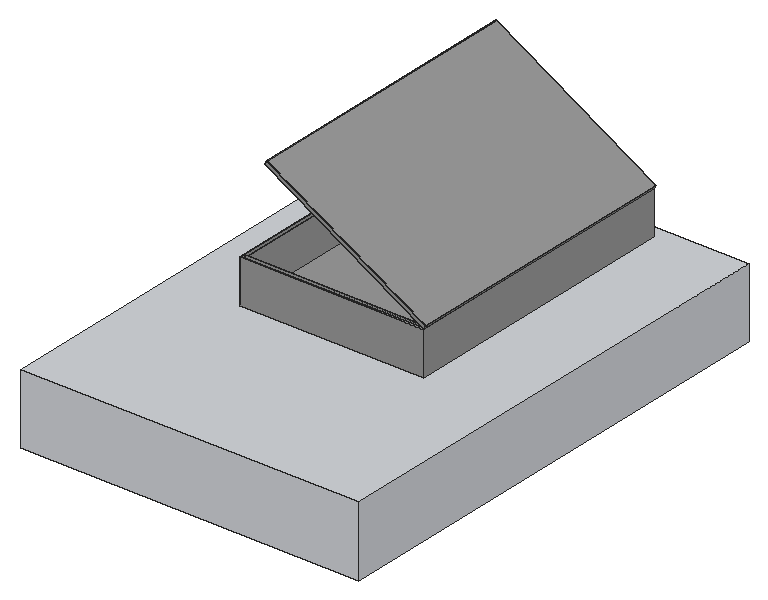
Revit family "Hager-Univers-IP54-D205-H1250-Cl.II-Encl-PL-pl", category Equipement électrique, Revit 2020
Family settings
  Hôte = Face
  Configuration du panneau = Deux colonnes, circuits au sein
  Cote de connecteur circulaire = Utiliser le diamètre
  Type d'élément = Tableau de raccordement
  Couper avec des vides une fois chargée = Non
  Partagée = Non
  Point de calcul de pièce = Non
Parameters (values of type "Montaż natynkowy IP54 S800 W1250 G205  - FP83SW2")
  Width Control [instance] = if([EF000008 - Szerokość] > Min Width, [EF000008 - Szerokość], Min Width)  # 800 mm
  Commentaires du type = [HG000003 - Zakres]  # "Univers"
  Thickness Door [instance] = if([EF009171 - Drzwi/pokrywa z materiału o wysokiej wytrzymałości mechanicznej] > 3 mm, 3 mm, [EF009171 - Drzwi/pokrywa z materiału o wysokiej wytrzymałości mechanicznej])  # 1 mm
  Seal Frame Offset [instance] = 17 mm  # constant formula
  Plinth Visibility [instance] = [HG000027 - Wysokość cokołu] > 0 mm  # no
  Model = ""
  Min Width [instance] = 100 mm  # constant formula
  Min Height [instance] = 100 mm  # constant formula
  Min Depth [instance] = (2 * [EF009170 - Obudowa z materiału o wysokiej wytrzymałości mechanicznej]) + 1 mm  # 3 mm
  Internal Frame Depth [instance] = (Door System Depth * 0.5)  # 9 mm
  Height Control [instance] = if([EF000040 - Wysokość] > Min Height, [EF000040 - Wysokość], Min Height)  # 1250 mm
  HG000027 - Wysokość cokołu = 0 mm
  HG000026 - Stojąca = no
  HG000024 - Wysokość części dolnej = 800 mm
  HG000023 - Obudowa dwusekcyjna = no
  HG000016 - Widoczność drzwi w widoku 3D [instance] = yes
  HG000015 - Przestrzeń robocza - otwarcie drzwi [instance] = no
  HG000014 - Drzwi prawe [instance] = yes
  HG000013 - Drzwi lewe [instance] = not([HG000014 - Drzwi prawe])  # no
  HG000012 - Kąt otwarcia drzwi [instance] = 30.00°
  HG000010 - Drzwi asymetryczne = no
  HG000009 - Drzwi dwuskrzydłowe = no
  HG000006 - Montaż podtynkowy = no
  HG000004 - Referencja producenta = "FP83SW2"
  HG000003 - Zakres = "Univers"
  HG000002 - Z drzwiami lub pokrywą = yes
  Frame Offset Bottom [instance] = 10 mm  # constant formula
  Frame Offset [instance] = 15 mm  # constant formula
  EF015940 - Pokrywa z wyzwalaczem nadciśnieniowym = no
  EF011959 - Stopień ochrony (NEMA) = ""
  EF009554 - Liczba otworów pod flansze = 6
  Fabricant = "Hager"  # constant formula
  EF009212 - Wykonanie pokrywy = "EV000116 - Zamknięty"
  EF009171 - Drzwi/pokrywa z materiału o wysokiej wytrzymałości mechanicznej = 1 mm
  EF009170 - Obudowa z materiału o wysokiej wytrzymałości mechanicznej = 1 mm
  EF008873 - Prąd znamionowy (In) = 250 A
  EF007800 - Do ochrony odgromowej = no
  EF006306 - Z zamkiem = no
  EF006244 - Transparentna pokrywa/drzwi = no
  EF005474 - Stopień ochrony (IP) = "EV006419 - IP54"
  EF004464 - Rodzaj drzwi = "EV002646 - Pojedynczy"
  EF004427 - Liczba modułów = 288
  EF004293 - Odporność udarowa = "EV006813 - IK07"
  EF003532 - Do zastosowań zewnętrznych = no
  EF002950 - Szerokość wyrażona liczbą modułów = 36
  EF001613 - Podtrzymanie funkcji = "EV000494 - Brak"
  EF001596 - Materiał obudowy = "EV000179 - Stal"
  EF001131 - Głębokość wewnętrzna = 130 mm
  EF001088 - Możliwość rozbudowy = yes
  EF000437 - Liczba wejść kablowych = 6
  EF000339 - Rodzaj pokrywy = "EV004216 - Drzwi"
  EF000266 - Liczba rzędów = 8
  EF000218 - Głębokość wbudowania = 205 mm
  EF000118 - Z płytą montażową = no
  EF000116 - Numer RAL = "9010"
  EF000049 - Głębokość = 205 mm
  EF000040 - Wysokość = 1250 mm
  EF000008 - Szerokość = 800 mm
  EF000007 - Kolor = "EV000202 - Biały"
  EF000003 - Sposób montażu = "EV000384 - Montaż natynkowy"
  Door System Leaf Tolerance [instance] = 1.5 mm  # constant formula
  Door System Depth [instance] = 18 mm  # constant formula
  Door Height [instance] = Height Control - [HG000027 - Wysokość cokołu]  # 1250 mm
  Depth Control [instance] = if([EF000049 - Głębokość] > Min Depth, [EF000049 - Głębokość], Min Depth)  # 205 mm
  Default Elevation = 0 mm
  Connector Offset [instance] = Height Control / 2  # 625 mm
  Bottom Top Plate Trim [instance] = 1.5 mm  # constant formula
  Plinth height Ctrl [instance] = if([HG000027 - Wysokość cokołu] > 0 mm, [HG000027 - Wysokość cokołu], 12 mm)  # 12 mm
Types (5, lengths in mm): name | Width Control | HG000010 - Drzwi asymetryczne | HG000009 - Drzwi dwuskrzydłowe | HG000004 - Referencja producenta | EF009554 - Liczba otworów pod flansze | EF004464 - Rodzaj drzwi | EF004427 - Liczba modułów | EF004293 - Odporność udarowa | EF002950 - Szerokość wyrażona liczbą modułów | EF000437 - Liczba wejść kablowych | EF000008 - Szerokość
  Montaż natynkowy IP54 S1050 W1250 G205  - FP84SW2 | 1050 | no | yes | "FP84SW2" | 8 | "EV003602 - Podwójny" | 384 | "EV006815 - IK09" | 48 | 8 | 1050
  Montaż natynkowy IP54 S1300 W1250 G205  - FP85SW2 | 1300 | yes | yes | "FP85SW2" | 10 | "EV003602 - Podwójny" | 480 | "EV006815 - IK09" | 60 | 10 | 1300
  Montaż natynkowy IP54 S300 W1250 G205  - FP81SW2 | 300 | no | no | "FP81SW2" | 2 | "EV002646 - Pojedynczy" | 96 | "EV006815 - IK09" | 12 | 2 | 300
  Montaż natynkowy IP54 S550 W1250 G205  - FP82SW2 | 550 | no | no | "FP82SW2" | 4 | "EV002646 - Pojedynczy" | 192 | "EV006815 - IK09" | 24 | 4 | 550
  Montaż natynkowy IP54 S800 W1250 G205  - FP83SW2 | 800 | no | no | "FP83SW2" | 6 | "EV002646 - Pojedynczy" | 288 | "EV006813 - IK07" | 36 | 6 | 800
Reference planes
  plane 1 "Center (Front/Back)": y = 0
  plane 2: z = 0
  plane 3 "Center (Left/Right)": x = 0
  plane 4: z = 205
  plane 5: y = 1
  plane 6: y = 625
  plane 7: y = 0
  plane 8: y = 1250
  plane 9: z = 0
  plane 10: x = -385
  plane 11: x = 385
  plane 12: x = 384
  plane 13: x = -384
  plane 14: y = 1249
  plane 15: x = -383
  plane 16: x = -400
  plane 17: x = 383
  plane 18: x = 400
  plane 19: x = 399
  plane 20: x = -399
  plane 21: y = 11
  plane 22: y = 1250
  plane 23: y = 1234
  plane 24: z = 187
  plane 25: z = 1
  plane 26: z = 186
  plane 27: z = 204
Forms (mm)
  Extrusion 1, solid
    sketch origin (0, 0, 0) x (1, 0, 0) y (0, 1, 0)
      loop
        line (-702.964, 1305) -> (-702.964, -811.445) -> (766.763, -811.445) -> (766.763, 1305) -> (-702.964, 1305)
    from 0 to -304.8
  Extrusion 2, solid, material "Hager_Steel_RAL7035_Light_Grey", visible <- "Plinth Visibility", detail levels medium+fine
    sketch origin (0, 0, 0) x (1, 0, 0) y (0, 1, 0)
      loop
        line (-400, 0) -> (400, 0) -> (400, 12) -> (-400, 12) -> (-400, 0)
    from 0 to 187
  Extrusion 3, solid, material "Hager_Steel_RAL7035_Light_Grey", detail levels medium+fine
    sketch origin (0, 0, 0) x (1, 0, 0) y (0, 1, 0)
      loop
        line (-400, 0) -> (400, 0) -> (400, 1250) -> (-400, 1250) -> (-400, 0)
    from 0 to 187
  Extrusion 4, void
    sketch origin (0, 0, 0) x (1, 0, 0) y (0, 1, 0)
      loop
        line (-399, 1) -> (399, 1) -> (399, 1249) -> (-399, 1249) -> (-399, 1)
    from 1 to 186
  Extrusion 5, void
    sketch origin (-381.607, -4572, 187) x (0, -1, 0) y (-1, 0, 0)
      loop
        line (-4583, 2.393) -> (-5806, 2.393) -> (-5806, -765.607) -> (-4583, -765.607) -> (-4583, 2.393)
    from 0 to 1 <- "EF009170 - Obudowa z materiału o wysokiej wytrzymałości mechanicznej"
  Extrusion 6, solid, material "Hager_Steel_RAL7035_Light_Grey", detail levels fine
    sketch origin (0, 0, 187) x (1, 0, 0) y (0, 1, 0)
      loop
        line (-384, 1234) -> (-384, 11) -> (384, 11) -> (384, 1234) -> (-384, 1234)
      loop
        line (-385, 10) -> (385, 10) -> (385, 1235) -> (-385, 1235) -> (-385, 10)
    from 0 to 9 <- "Internal Frame Depth"
  Extrusion 7, solid, material "Hager_Steel_RAL7035_Light_Grey", detail levels coarse
    sketch origin (0, 0, 0) x (1, 0, 0) y (0, 1, 0)
      loop
        line (-400, 0) -> (400, 0) -> (400, 1250) -> (-400, 1250) -> (-400, 0)
    from 0 to 205
  Sweep 8, void
    path in 3D
      loop
        line (-400, 12, 0) -> (400, 12, 0) -> (400, 12, 187) -> (-400, 12, 187) -> (-400, 12, 0)
    profile origin (-400, 12, 93.5) x (-1, 0, 0) y (0, -1, 0)
      loop
        line (0, 0) -> (0, 1.5) -> (-1.5, 1.5)
        arc (-1.5, 1.5) -> (-1.061, 0.439) -> (0, 0) r 1.5
Cuts and joins
  Extrusion 4, Extrusion 5 cuts Extrusion 3
  Sweep 8 cuts Extrusion 2
Lines and regions (mm)
  Masking region 1
    outline origin (0, 0, 0) x (1, 0, 0) y (0, 0, 1)
      loop
        line (-400, 205) -> (-400, 0) -> (400, 0) -> (400, 205) -> (-400, 205)
  Masking region 2, detail levels medium+fine
    outline origin (0, 140, 0) x (0, 1, 0) y (0, 0, 1)
      loop
        line (-140, 0) -> (1110, 0) -> (1110, 187) -> (-140, 187) -> (-140, 0)
  Masking region 3, not visible, detail levels medium+fine
    outline origin (0, 297.922, 0) x (0, 1, 0) y (0, 0, 1)
      loop
        line (338.578, 0) -> (378.578, 0) -> (378.578, 194)
        arc (378.578, 194) -> (375.649, 201.071) -> (368.578, 204) r 10
        line (368.578, 204) -> (338.578, 204) -> (338.578, 0)
  Masking region 4, detail levels coarse
    outline origin (0, 0, 180) x (0, 1, 0) y (0, 0, 1)
      loop
        line (0, -180) -> (1250, -180) -> (1250, 25) -> (0, 25) -> (0, -180)
  Masking region 5, visible <- "Plinth Visibility", detail levels medium+fine
    outline origin (0, 52.24, 12.345) x (0, 0, -1) y (0, 1, 0)
      loop
        line (10.845, -40.24) -> (-173.155, -40.24)
        arc (-173.155, -40.24) -> (-173.594, -41.301) -> (-174.655, -41.74) r 1.5
        line (-174.655, -41.74) -> (-174.655, -52.24) -> (12.345, -52.24) -> (12.345, -41.74)
        arc (12.345, -41.74) -> (11.285, -41.301) -> (10.845, -40.24) r 1.5
  Masking region 6, detail levels medium+fine
    outline origin (-381.607, -4572, 187) x (-1, 0, 0) y (0, -1, 0)
      loop
        line (18.393, -5822) -> (18.393, -4572) -> (-781.607, -4572) -> (-781.607, -5822) -> (18.393, -5822)
  Masking region 7, visible <- "Plinth Visibility", detail levels medium+fine
    outline origin (-381.607, -4727, 187) x (-1, 0, 0) y (0, -1, 0)
      loop
        arc (16.893, -4739) -> (17.332, -4737.939) -> (18.393, -4737.5) r 1.5
        line (18.393, -4737.5) -> (18.393, -4727) -> (-781.607, -4727) -> (-781.607, -4737.5)
        arc (-781.607, -4737.5) -> (-780.546, -4737.939) -> (-780.107, -4739) r 1.5
        line (-780.107, -4739) -> (16.893, -4739)
  Masking region 8, detail levels coarse
    outline origin (-442.548, -4669.526, 187) x (-1, 0, 0) y (0, -1, 0)
      loop
        line (-42.548, -5919.526) -> (-42.548, -4669.526) -> (-842.548, -4669.526) -> (-842.548, -5919.526) -> (-42.548, -5919.526)
  sketch lines
    curve 1: line (-400, 12, 187) -> (-400, 12, 0)
    curve 2: line (400, 12, 187) -> (-400, 12, 187)
    curve 3: line (400, 12, 187) -> (400, 12, 0)
    curve 4: line (-400, 12, 0) -> (400, 12, 0)
Dimensions and locks
  "Depth Control": plane 4 to Extrusion 1
  "HG000027 - Wysokość cokołu": plane 1 "Center (Front/Back)" to plane 7
  "EF009170 - Obudowa z materiału o wysokiej wytrzymałości mechanicznej": plane 5 to plane 7
  locked: connector elem to plane 3 "Center (Left/Right)"
  equal spacing: plane 8, plane 6, plane 7
  locked: connector elem to plane 6
  "EF009170 - Obudowa z materiału o wysokiej wytrzymałości mechanicznej": plane 8 to plane 14
  "EF009170 - Obudowa z materiału o wysokiej wytrzymałości mechanicznej": plane 10 to plane 13
  "EF009170 - Obudowa z materiału o wysokiej wytrzymałości mechanicznej": plane 12 to plane 11
  "Frame Offset": plane 20 to plane 13
  "Frame Offset": plane 12 to plane 19
  "EF009170 - Obudowa z materiału o wysokiej wytrzymałości mechanicznej": plane 16 to plane 20
  "EF009170 - Obudowa z materiału o wysokiej wytrzymałości mechanicznej": plane 19 to plane 18
  "Seal Frame Offset": plane 16 to plane 15
  "Seal Frame Offset": plane 17 to plane 18
  "Frame Offset Bottom": plane 21 to plane 5
  "Frame Offset": plane 14 to plane 23
  equal spacing: plane 16, plane 3 "Center (Left/Right)", plane 18
  "Width Control": plane 16 to plane 18
  "EF009170 - Obudowa z materiału o wysokiej wytrzymałości mechanicznej": plane 4 to plane 27
  "EF009170 - Obudowa z materiału o wysokiej wytrzymałości mechanicznej": plane 24 to plane 26
  "EF009170 - Obudowa z materiału o wysokiej wytrzymałości mechanicznej": plane 25 to level
  "Door System Depth": plane 4 to plane 24
  "Height Control": plane 1 "Center (Front/Back)" to Extrusion 7 sketch curve
  "Height Control": Masking region 4 sketch curve to plane 1 "Center (Front/Back)"
  "Height Control": plane 1 "Center (Front/Back)" to plane 22
  "Bottom Top Plate Trim": profile plane to Sweep 8 sketch curve
  "Bottom Top Plate Trim": Sweep 8 sketch curve to profile plane
  "Plinth height Ctrl": plane 1 "Center (Front/Back)" to Extrusion 2 sketch curve
  "Plinth height Ctrl": Masking region 5 sketch curve to plane 1 "Center (Front/Back)"
  "Plinth height Ctrl": plane 1 "Center (Front/Back)" to Masking region 7 sketch curve
  "Thickness Door": Extrusion 6 sketch curve to Extrusion 6 sketch curve  (x3)
  "Thickness Door": cut or joined group of Extrusion 3, Extrusion 4, Extrusion 5 to Extrusion 6 sketch curve
  radius of Masking region 3 sketch curve = 10 mm
  "Bottom Top Plate Trim": radius of Masking region 5 sketch curve  (x2)
  "Bottom Top Plate Trim": radius of Sweep 8 sketch curve
  "Bottom Top Plate Trim": radius of Masking region 7 sketch curve  (x2)
  aligned and locked: plane 2 to Extrusion 1
  aligned and locked: level to Extrusion 1
  aligned and locked: level to Masking region 1 sketch curve
  aligned and locked: Masking region 1 sketch curve to plane 18
  aligned and locked: Masking region 1 sketch curve to plane 16
  aligned and locked: plane 7 to Masking region 2 sketch curve
  aligned and locked: level to Masking region 3 sketch curve
  aligned and locked: Masking region 3 sketch curve to plane 27
  aligned and locked: level to Masking region 2 sketch curve
  aligned and locked: plane 1 "Center (Front/Back)" to Extrusion 2 sketch curve
  aligned and locked: Extrusion 3 sketch curve to plane 7
  aligned and locked: plane 16 to Extrusion 3 sketch curve
  aligned and locked: plane 18 to Extrusion 3 sketch curve
  aligned and locked: plane 20 to Extrusion 4 sketch curve
  aligned and locked: plane 19 to Extrusion 4 sketch curve
  aligned and locked: Extrusion 4 sketch curve to plane 5
  aligned and locked: Extrusion 4 to plane 25
  aligned and locked: plane 26 to Extrusion 4
  aligned and locked: plane 24 to Extrusion 3
  aligned and locked: Extrusion 5 sketch curve to plane 21
  aligned and locked: Extrusion 5 sketch curve to plane 13
  aligned and locked: Extrusion 5 sketch curve to plane 12
  aligned and locked: plane 18 to Extrusion 7 sketch curve
  aligned and locked: plane 1 "Center (Front/Back)" to Extrusion 7 sketch curve
  aligned and locked: plane 16 to Extrusion 7 sketch curve
  aligned and locked: plane 4 to Extrusion 7
  aligned and locked: Extrusion 7 to level
  aligned and locked: level to Masking region 4 sketch curve
  aligned and locked: Masking region 4 sketch curve to plane 1 "Center (Front/Back)"
  aligned and locked: Masking region 4 sketch curve to plane 4
  aligned and locked: nested 1 to level
  aligned and locked: nested 1 to plane 16
  aligned and locked: plane 8 to Extrusion 3 sketch curve
  aligned and locked: plane 23 to Extrusion 5 sketch curve
  aligned and locked: plane 14 to Extrusion 4 sketch curve
  aligned and locked: Masking region 2 sketch curve to plane 8
  aligned and locked: level to Masking region 5 sketch curve
  aligned and locked: plane 16 to Extrusion 2 sketch curve
  aligned and locked: plane 18 to Extrusion 2 sketch curve
  aligned and locked: Masking region 5 sketch curve to plane 24
  aligned and locked: Masking region 2 sketch curve to plane 24
  aligned and locked: plane 24 to Extrusion 2
  aligned and locked: profile plane to Sweep 8 sketch curve  (x2)
  aligned and locked: Masking region 6 sketch curve to plane 18
  aligned and locked: Masking region 6 sketch curve to plane 22
  aligned and locked: Masking region 6 sketch curve to plane 16
  aligned and locked: plane 8 to plane 22
  aligned and locked: Masking region 6 sketch curve to plane 7
  aligned and locked: Masking region 7 sketch curve to plane 16
  aligned and locked: Masking region 7 sketch curve to plane 1 "Center (Front/Back)"
  aligned and locked: Masking region 7 sketch curve to plane 18
  aligned and locked: Masking region 8 sketch curve to plane 1 "Center (Front/Back)"
  aligned and locked: Masking region 8 sketch curve to plane 18
  aligned and locked: Masking region 8 sketch curve to plane 22
  aligned and locked: Masking region 8 sketch curve to plane 16
  aligned and locked: nested 2 to plane 7
  aligned and locked: plane 3 "Center (Left/Right)" to nested 2
  aligned and locked: nested 2 to plane 24
  aligned and locked: Extrusion 6 sketch curve to cut or joined group of Extrusion 3, Extrusion 4, Extrusion 5  (x4)
Automatic sketch dimensions
  Extrusion 1 sketch curve to Extrusion 1 sketch curve = 1469.727 mm
  Extrusion 1 sketch curve to Extrusion 1 sketch curve = 2116.445 mm
  Masking region 1 sketch curve to plane 4 = 0 mm
  plane 6 to Masking region 3 sketch curve = 11.5 mm
  Masking region 3 sketch curve to Masking region 3 sketch curve = 30 mm
  Masking region 5 sketch curve to plane 1 "Center (Front/Back)" = 0 mm
Nested families
  nested 1: "Hager_Enclosure_Symbol" at (-400, 0, 0) x (1, 0, 0) z (0, -1, 0), Height <- "Depth Control", Width <- "Width Control", type "Hager_Enclosure_Symbol"
    with Width_Ctrl 800 mm, Width 800 mm, Height_Ctrl 205 mm, Height 205 mm, A_Width_Int 13.453 mm, A_Width 161.438 mm, A_Height_Ctrl 179.375 mm, A_Height 179.375 mm
  nested 2: "EC000058_Univers_Door" at (0, 0, 187) x (1, 0, 0) z (0, 1, 0), Leaf_Tolerance <- "Door System Leaf Tolerance", Angle <- "HG000012 - Kąt otwarcia drzwi", Door_Depth <- "Door System Depth", Door_Left <- "HG000013 - Drzwi lewe", Transparent <- "EF006244 - Transparentna pokrywa/drzwi", Assymetrical <- "HG000010 - Drzwi asymetryczne", Width <- "Width Control", Clearance <- "HG000015 - Przestrzeń robocza - otwarcie drzwi", Double <- "HG000009 - Drzwi dwuskrzydłowe", 3d_Door <- "HG000016 - Widoczność drzwi w widoku 3D", Lock_Visibility <- "EF006306 - Z zamkiem", Width_Ctrl <- "Width Control", Door_Right <- "HG000014 - Drzwi prawe", Door <- "HG000002 - Z drzwiami lub pokrywą", Height <- "Door Height", Thickness <- "Thickness Door", type "EC000058_Univers_Door", detail levels medium+fine
    with min_wh 3 mm, Width_Ctrl 800 mm, Width 800 mm, Transparent no, Thickness 1 mm, Seal_Material Hager_Rubber, Lock_Visibility no, Lock_Material Hager_Plastic_RAL9005_Jet_Black, Leaf_Width 800 mm, Leaf_Tolerance_External_Sides 0 mm, Leaf_Tolerance 1.5 mm, Leaf_Offset 0 mm, Leaf_Height 1247 mm, Leaf_2_Width 800 mm, Leaf_2_Offset 400 mm, Leaf_1_Width 800 mm, Leaf_1_Offset 400 mm, Height_Ctrl 1250 mm, Height 1250 mm, Glass_Material Hager_Glass, Double_Clearance_Ctrl no, Double no, Door_Right_Ctrl yes, Door_Right yes, Door_Material Hager_Steel_RAL7035_Light_Grey, Door_Left_Ctrl no, Door_Left no, Door_Depth 18 mm, Door yes, Clearance_Material Hager_Clearance, Clearance_Depth 800 mm, Clearance_Ctrl no, Clearance no, Assymetrical no, Angle 30.00°, 3d_Door yes
Connectors
  electrical at (0, 625, 0)
    settings: on plane 9, index 1, voltage 0 V, apparent load 0 VA, apparent load phase1 0 VA, apparent load phase2 0 VA, apparent load phase3 0 VA, power factor 1, load classification "Other", number of poles 1, system type 30, power factor state 1, is connector primary yes, connector utility no, sub classification motor no, connector description ""
Definition of nested family "EC000058_Univers_Door"
  Parameters (values of type "EC000058_Univers_Door")
    min_wh [instance] = (2 * Thickness) + 1 mm  # 11 mm
    Width_Ctrl [instance] = 400 mm
    Width [instance] = 500 mm
    Transparent [instance] = yes
    Thickness [instance] = 5 mm
    Seal_Material [instance] = none
    Lock_Visibility [instance] = yes
    Lock_Material [instance] = none
    Leaf_Width [instance] = if((Width_Ctrl - 2 * Leaf_Tolerance_External_Sides) > 0 mm, (Width_Ctrl - 2 * Leaf_Tolerance_External_Sides), min_wh)  # 400 mm
    Leaf_Tolerance_External_Sides [instance] = 0 mm  # constant formula
    Leaf_Tolerance [instance] = 1.5 mm
    Leaf_Offset [instance] = 0 mm  # constant formula
    Leaf_Height [instance] = if((Height_Ctrl - 2 * Leaf_Tolerance) > 0 mm, (Height_Ctrl - 2 * Leaf_Tolerance), min_wh)  # 497 mm
    Leaf_2_Width [instance] = if(and(and(Double, Assymetrical), Door_Left), (Leaf_Width / 3) - (Leaf_Tolerance / 2), if(and(and(Double, Assymetrical), Door_Right), (Leaf_Width / 3) * 2 - (Leaf_Tolerance / 2), if(and(Double, not(Assymetrical)), (Leaf_Width / 2) - Leaf_Tolerance, Leaf_Width)))  # 400 mm
    Leaf_2_Offset [instance] = if(and(Double, Assymetrical), Leaf_2_Width / 2, if(and(Double, not(Assymetrical)), Leaf_Width / 4, Leaf_Width / 2))  # 200 mm
    Leaf_1_Width [instance] = if(and(and(Double, Assymetrical), Door_Right), (Leaf_Width / 3) - (Leaf_Tolerance / 2), if(and(and(Double, Assymetrical), Door_Left), (Width / 3) * 2 - (Leaf_Tolerance / 2), if(and(Double, not(Assymetrical)), (Leaf_Width / 2) - Leaf_Tolerance, Leaf_Width)))  # 400 mm
    Leaf_1_Offset [instance] = if(and(Double, Assymetrical), Leaf_1_Width / 2, if(and(Double, not(Assymetrical)), Leaf_Width / 4, Leaf_Width / 2))  # 200 mm
    Height_Ctrl [instance] = if(Height > min_wh, Height, min_wh)  # 500 mm
    Height [instance] = 500 mm
    Glass_Material [instance] = none
    Double_Clearance_Ctrl [instance] = and(Double, Clearance)  # no
    Double [instance] = no
    Door_Right_Ctrl [instance] = and(or(Door_Right, Double), Door)  # yes
    Door_Right [instance] = yes
    Door_Material [instance] = none
    Door_Left_Ctrl [instance] = and(or(Door_Left, Double), Door)  # no
    Door_Left [instance] = no
    Door_Depth [instance] = 30 mm
    Door [instance] = yes
    Default Elevation = 1219.2 mm
    Clearance_Material [instance] = none
    Clearance_Depth [instance] = if(Leaf_1_Width > Leaf_2_Width, Leaf_1_Width, Leaf_2_Width)  # 400 mm
    Clearance_Ctrl [instance] = and(not(Double), Clearance)  # yes
    Clearance [instance] = yes
    Assymetrical [instance] = yes
    Angle [instance] = 30.00°
    3d_Door [instance] = yes
  Reference planes
    plane 1 "Center (Front/Back)": y = 0
    plane 2 "Bottom": z = 0
    plane 3 "Center (Left/Right)": x = 0
    plane 4: z = 500
    plane 5: x = -200
    plane 6: x = 200
    plane 7: z = 500
    plane 8: x = -200
    plane 9: z = 0
    plane 10: x = 200
    plane 11: y = 0
    plane 12: z = 1.5
    plane 13: x = -600
    plane 14: y = -400
    plane 15: x = 600
    plane 16: x = 0
    plane 17: x = 0
    plane 18: x = -200
    plane 19: x = 200
    plane 20: z = 498.5
  Forms (mm)
    Extrusion 1, solid, material <- "Clearance_Material", visible <- "Double_Clearance_Ctrl"
      sketch origin (1200, 0, 0) x (1, 0, 0) y (0, 0, -1)
        loop
          line (-1800, -498.5) -> (-600, -498.5) -> (-600, 0) -> (-1800, 0) -> (-1800, -498.5)
      from 0 to -400
  Dimensions and locks
    equal spacing: plane 5, plane 3 "Center (Left/Right)", plane 6
    "Width_Ctrl": plane 5 to plane 6
    "Leaf_Offset": plane 5 to plane 8
    "Leaf_Offset": plane 6 to plane 10
    "Leaf_Offset": plane 9 to level
    "Leaf_Offset": plane 4 to plane 7
    "Height_Ctrl": plane 4 to level
    "Leaf_Tolerance": plane 12 to plane 9
    locked: plane 11 to plane 1 "Center (Front/Back)"
    "Leaf_1_Offset": plane 18 to plane 16
    "Leaf_2_Offset": plane 17 to plane 19
    "Leaf_1_Width": plane 13 to plane 8
    "Leaf_2_Width": plane 10 to plane 15
    "Clearance_Depth": plane 14 to plane 1 "Center (Front/Back)"
    "Leaf_Tolerance_External_Sides": plane 8 to plane 18
    "Leaf_Tolerance_External_Sides": plane 19 to plane 10
    "Leaf_Tolerance": plane 7 to plane 20
    aligned and locked: level to plane 2 "Bottom"
    aligned and locked: nested 1 to plane 16
    aligned and locked: nested 2 to plane 17
    aligned and locked: Extrusion 1 to plane 13
    aligned and locked: plane 15 to Extrusion 1
    aligned and locked: Extrusion 1 to plane 14
    aligned and locked: plane 12 to nested 1
    aligned and locked: nested 2 to plane 12
    aligned and locked: Extrusion 1 to plane 11
    aligned and locked: plane 20 to Extrusion 1
    aligned and locked: nested 2 to plane 11
    aligned and locked: nested 1 to plane 11
  Automatic sketch dimensions
    Extrusion 1 sketch curve to level = 0 mm
    plane 5 to Extrusion 1 sketch curve = 400 mm
    plane 6 to Extrusion 1 sketch curve = 400 mm
    Extrusion 1 sketch curve to plane 4 = 1.5 mm
  Nested families
    nested 1: "EC000058_Univers_Door_Leaf" at (0, 0, 1.5), Width <- "Leaf_1_Width", visible <- "Door_Left_Ctrl", Leaf_Height <- "Leaf_Height", Angle <- "Angle", 3d_Door <- "3d_Door", Transparent <- "Transparent", Clearance Material <- "Clearance_Material", Clearance <- "Clearance_Ctrl", Door_Material <- "Door_Material", Glass_Material <- "Glass_Material", Door_Depth <- "Door_Depth", Lock_Material <- "Lock_Material", Seal_Material <- "Seal_Material", Lock_Visibility <- "Lock_Visibility", Thickness <- "Thickness", type "EC000058_Univers_Door_Leaf"
      with Width 400 mm, Transparent_Glass_Offset 30 mm, Transparent_Ctrl yes, Transparent yes, Thickness 5 mm, Standard no, Seal_Material none, Seal_D2 8 mm, Seal_D1 1 mm, Offset_Internal_Frame 10 mm, Lock_Width 20 mm, Lock_Visibility_3d yes, Lock_Visibility yes, Lock_Thickness_3 3 mm, Lock_Thickness_2 1 mm, Lock_Thickness_1 3 mm, Lock_Radius_Offset_2 16 mm, Lock_Radius_Offset_1 15 mm, Lock_Radius_2 5 mm, Lock_Radius 6 mm, Lock_Offset 5 mm, Lock_Material none, Lock_Height 80 mm, Lock_Cover_Top_Offset_2d 17 mm, Lock_Cover_Height -65 mm, Leaf_Height 497 mm, Internal_Seal_Thickness 8 mm, Internal_Seal_Depth_2 4.5 mm, Internal_Frame_Depth 25 mm, Glass_Thickness -1 mm, Glass_Offset -2 mm, Glass_Material none, Door_Material none, Door_Depth 30 mm, Clearance Material none, Clearance yes, Angle_Ctrl 30.00°, Angle 30.00°, 3d_Door yes
    nested 2: "EC000058_Univers_Door_Leaf" at (0, 0, 1.5) x (-1, 0, 0) z (0, 0, 1), Width <- "Leaf_2_Width", visible <- "Door_Right_Ctrl", Leaf_Height <- "Leaf_Height", Angle <- "Angle", 3d_Door <- "3d_Door", Transparent <- "Transparent", Clearance Material <- "Clearance_Material", Clearance <- "Clearance_Ctrl", Door_Material <- "Door_Material", Glass_Material <- "Glass_Material", Door_Depth <- "Door_Depth", Lock_Material <- "Lock_Material", Seal_Material <- "Seal_Material", Lock_Visibility <- "Lock_Visibility", Thickness <- "Thickness", type "EC000058_Univers_Door_Leaf"
      with Width 400 mm, Transparent_Glass_Offset 30 mm, Transparent_Ctrl yes, Transparent yes, Thickness 5 mm, Standard no, Seal_Material none, Seal_D2 8 mm, Seal_D1 1 mm, Offset_Internal_Frame 10 mm, Lock_Width 20 mm, Lock_Visibility_3d yes, Lock_Visibility yes, Lock_Thickness_3 3 mm, Lock_Thickness_2 1 mm, Lock_Thickness_1 3 mm, Lock_Radius_Offset_2 16 mm, Lock_Radius_Offset_1 15 mm, Lock_Radius_2 5 mm, Lock_Radius 6 mm, Lock_Offset 5 mm, Lock_Material none, Lock_Height 80 mm, Lock_Cover_Top_Offset_2d 17 mm, Lock_Cover_Height -65 mm, Leaf_Height 497 mm, Internal_Seal_Thickness 8 mm, Internal_Seal_Depth_2 4.5 mm, Internal_Frame_Depth 25 mm, Glass_Thickness -1 mm, Glass_Offset -2 mm, Glass_Material none, Door_Material none, Door_Depth 30 mm, Clearance Material none, Clearance yes, Angle_Ctrl 30.00°, Angle 30.00°, 3d_Door yes
  Definition of nested family "EC000058_Univers_Door_Leaf"
    Parameters (values of type "EC000058_Univers_Door_Leaf")
      Width [instance] = 2000 mm
      Transparent_Glass_Offset [instance] = 30 mm
      Transparent_Ctrl [instance] = and(Transparent, [3d_Door])  # yes
      Transparent [instance] = yes
      Thickness [instance] = 5 mm
      Standard [instance] = and(not(Transparent), [3d_Door])  # no
      Seal_Material [instance] = none
      Seal_D2 [instance] = 8 mm  # constant formula
      Seal_D1 [instance] = 1 mm  # constant formula
      Offset_Internal_Frame [instance] = 10 mm  # constant formula
      Lock_Width [instance] = 20 mm  # constant formula
      Lock_Visibility_3d [instance] = and(Lock_Visibility, [3d_Door])  # yes
      Lock_Visibility [instance] = yes
      Lock_Thickness_3 [instance] = 3 mm  # constant formula
      Lock_Thickness_2 [instance] = 1 mm  # constant formula
      Lock_Thickness_1 [instance] = 3 mm  # constant formula
      Lock_Radius_Offset_2 [instance] = Lock_Radius_Offset_1 + 1 mm  # 16 mm
      Lock_Radius_Offset_1 [instance] = 15 mm  # constant formula
      Lock_Radius_2 [instance] = Lock_Radius - 1 mm  # 5 mm
      Lock_Radius [instance] = 6 mm  # constant formula
      Lock_Offset [instance] = 5 mm  # constant formula
      Lock_Material [instance] = none
      Lock_Height [instance] = 80 mm  # constant formula
      Lock_Cover_Top_Offset_2d [instance] = Lock_Radius_Offset_2 + 1 mm  # 17 mm
      Lock_Cover_Height [instance] = -(Lock_Height - Lock_Radius_Offset_1)  # -65 mm
      Leaf_Height [instance] = 2720.336 mm
      Internal_Seal_Thickness [instance] = 8 mm  # constant formula
      Internal_Seal_Depth_2 [instance] = 4.5 mm  # constant formula
      Internal_Frame_Depth [instance] = if(Door_Depth - Thickness > 5 mm, Door_Depth - Thickness, 5 mm)  # 25 mm
      Glass_Thickness [instance] = if(Thickness > 15 mm, Glass_Offset + 10 mm, -1 mm)  # -1 mm
      Glass_Offset [instance] = if(Thickness > 15 mm, -(Thickness + 10 mm) / 2, -2 mm)  # -2 mm
      Glass_Material [instance] = none
      Door_Material [instance] = none
      Door_Depth [instance] = 30 mm
      Default Elevation = 0 mm
      Clearance Material [instance] = none
      Clearance [instance] = yes
      Angle_Ctrl [instance] = if(Angle > 180.00°, 180.00°, Angle)  # 90.00°
      Angle [instance] = 90.00°
      3d_Door [instance] = yes
    Reference planes
      plane 1 "Center (Front/Back)": y = 0
      plane 2: z = 0
      plane 3 "Center (Left/Right)": x = 0
      plane 4: y = 2000
      plane 5: x = -1000
      plane 6: x = 1000
      plane 7: x = -3000
      plane 8: z = 2720.336
      plane 9: z = 30
      plane 10: z = 2690.336
      plane 11: x = 970
      plane 12: x = -970
      plane 13: y = -3
      plane 14: z = 107.833
      plane 15: y = -5
      plane 16: y = -223.314
      plane 17: x = -1000
      plane 18: z = 1360.168
      plane 19: y = 30
    Forms (mm)
      Extrusion 1, solid, material <- "Clearance Material", visible <- "Clearance"
        sketch origin (0, 0, 0) x (1, 0, 0) y (0, 0, 1)
          loop
            line (-3000, 2720.336) -> (-3000, 0) -> (1000, 0) -> (1000, 2720.336) -> (-3000, 2720.336)
        from 0 to -2000
      Extrusion 2, solid, material <- "Door_Material", visible <- "Standard", detail levels medium+fine
        sketch origin (-1000, 0, 0) x (0, 1, 0) y (-1, 0, 0)
          loop
            line (0, 30) -> (0, 25) -> (2000, 25) -> (2000, 30) -> (0, 30)
        from 0 to 2720.336 <- "Leaf_Height"
      Extrusion 3, solid, material <- "Door_Material", visible <- "Transparent_Ctrl", detail levels medium+fine
        sketch origin (-1000, 0, 0) x (0, 1, 0) y (-1, 0, 0)
          loop
            line (0, 25) -> (2000, 25) -> (2000, 30) -> (0, 30) -> (0, 25)
        from 0 to 2720.336 <- "Leaf_Height"
      Extrusion 4, void
        sketch origin (-1025, 2000, 0) x (0, 1, 0) y (0, 0, -1)
          loop
            line (-30, -2690.336) -> (-30, -30) -> (-1970, -30) -> (-1970, -2690.336) -> (-30, -2690.336)
        from 0 to 5 <- "Thickness"
      Sweep 5, solid, material <- "Seal_Material", visible <- "Transparent_Ctrl", detail levels fine
        path in 3D
          loop
            line (-1025, 30, 30) -> (-1025, 30, 2690.336) -> (-1025, 1970, 2690.336) -> (-1025, 1970, 30) -> (-1025, 30, 30)
        profile origin (-1025, 1000, 30) x (1, 0, 0) y (0, 0, 1)
          loop
            line (0, 0) -> (0, -8) -> (1, -8) -> (1, 0) -> (0, 0)
      Extrusion 6, solid, material <- "Glass_Material", visible <- "Transparent_Ctrl", detail levels medium+fine
        sketch origin (-1030, 0, 0) x (0, 1, 0) y (0, 0, -1)
          loop
            line (1970, -2690.336) -> (1970, -30) -> (30, -30) -> (30, -2690.336) -> (1970, -2690.336)
        from -2 <- "Glass_Offset" to -1 <- "Glass_Thickness"
      Extrusion 7, solid, material <- "Door_Material", visible <- "3d_Door", detail levels medium+fine
        sketch origin (-1025, 2000, 0) x (0, -1, 0) y (0, 0, -1)
          loop
            line (0, -2720.336) -> (2000, -2720.336) -> (2000, 0) -> (0, 0) -> (0, -2720.336)
          loop
            line (1995, -5) -> (5, -5) -> (5, -2715.336) -> (1995, -2715.336) -> (1995, -5)
        from 0 to 25 <- "Internal_Frame_Depth"
      Sweep 8, solid, material <- "Seal_Material", visible <- "Transparent_Ctrl", detail levels fine
        path in 3D
          loop
            line (-1025, 0, 0) -> (-1025, 2000, 0) -> (-1025, 2000, 2720.336) -> (-1025, 0, 2720.336) -> (-1025, 0, 0)
        profile origin (-1025, 0, 1360.168) x (1, 0, 0) y (0, 1, 0)
          loop
            line (0, 10) -> (2.975, 10)
            arc (2.975, 10) -> (4.053, 10.447) -> (4.5, 11.525) r 1.525
            line (4.5, 11.525) -> (4.5, 16.527)
            arc (4.5, 16.527) -> (4.069, 17.569) -> (3.027, 18) r 1.473
            line (3.027, 18) -> (0, 18) -> (0, 10)
      Extrusion 9, solid, material <- "Lock_Material", visible <- "Lock_Visibility_3d", detail levels fine
        sketch origin (-1030, 0, 0) x (0, 1, 0) y (0, 0, -1)
          loop
            arc (1993.5, -1400.168) -> (1994.561, -1399.729) -> (1995, -1398.668) r 1.5
            line (1995, -1398.668) -> (1995, -1320.168) -> (1975, -1320.168) -> (1975, -1398.668)
            arc (1975, -1398.668) -> (1975.439, -1399.729) -> (1976.5, -1400.168) r 1.5
            line (1976.5, -1400.168) -> (1993.5, -1400.168)
        from 3 <- "Lock_Thickness_1" to 0
      Blend 10, solid, material <- "Lock_Material", visible <- "Lock_Visibility_3d", detail levels fine
        base sketch origin (-1033, 0, 0) x (0, 1, 0) y (0, 0, -1)
          loop
            line (1975, -1320.168) -> (1975, -1398.668)
            arc (1975, -1398.668) -> (1975.439, -1399.729) -> (1976.5, -1400.168) r 1.5
            line (1976.5, -1400.168) -> (1993.5, -1400.168)
            arc (1993.5, -1400.168) -> (1994.561, -1399.729) -> (1995, -1398.668) r 1.5
            line (1995, -1398.668) -> (1995, -1320.168) -> (1975, -1320.168)
        top sketch origin (-1033, 0, 0) x (0, 1, 0) y (0, 0, -1)
          loop
            line (1976, -1320.168) -> (1976, -1398.668)
            arc (1976, -1398.668) -> (1976.146, -1399.022) -> (1976.5, -1399.168) r 0.5
            line (1976.5, -1399.168) -> (1993.5, -1399.168)
            arc (1993.5, -1399.168) -> (1993.854, -1399.022) -> (1994, -1398.668) r 0.5
            line (1994, -1398.668) -> (1994, -1320.168) -> (1976, -1320.168)
        from 0 to 1 <- "Lock_Thickness_2"
      Blend 11, solid, material <- "Lock_Material", visible <- "Lock_Visibility_3d", detail levels fine
        base sketch origin (-1034, 0, 0) x (0, 1, 0) y (0, 0, -1)
          loop
            line (1978, -1320.168) -> (1978, -1384.168)
            arc (1978, -1384.168) -> (1985, -1391.168) -> (1992, -1384.168) r 7
            line (1992, -1384.168) -> (1992, -1320.168) -> (1978, -1320.168)
        top sketch origin (-1034, 0, 0) x (0, 1, 0) y (0, 0, -1)
          loop
            line (1991, -1320.168) -> (1979, -1320.168) -> (1979, -1383.168)
            arc (1979, -1383.168) -> (1985, -1389.168) -> (1991, -1383.168) r 6
            line (1991, -1383.168) -> (1991, -1320.168)
        from 0 to 3 <- "Lock_Thickness_3"
      Extrusion 12, solid, material <- "Lock_Material", visible <- "Lock_Visibility_3d", detail levels fine
        sketch origin (-1030, 1975, 1320.168) x (1, 0, 0) y (0, -1, 0)
          loop
            line (-7, -19) -> (-7, -1) -> (0, -1) -> (0, 0) -> (-8, 0) -> (-8, -20) -> (0, -20) -> (0, -19) -> (-7, -19)
        from 0 to -65 <- "Lock_Cover_Height"
      Extrusion 13, void
        sketch origin (-1038, 1995, 1320.168) x (-1, 0, 0) y (0, 0, -1)
          loop
            line (-5, -65) -> (0, -65) -> (-5, -60) -> (-5, -65)
        from 0 to 20 <- "Lock_Width"
      Extrusion 14, void
        sketch origin (-1038, 1975, 1320.168) x (0, -1, 0) y (0, 0, -1)
          loop
            circle (-10, -15.995) r 6
          loop
            circle (-10, -15.995) r 5
        from 0 to 2
      Extrusion 15, solid, material <- "Lock_Material", visible <- "Lock_Visibility_3d", detail levels medium
        sketch origin (-1030, 0, 0) x (0, 1, 0) y (0, 0, -1)
          loop
            arc (1993.5, -1400.168) -> (1994.561, -1399.729) -> (1995, -1398.668) r 1.5
            line (1995, -1398.668) -> (1995, -1320.168) -> (1975, -1320.168) -> (1975, -1398.668)
            arc (1975, -1398.668) -> (1975.439, -1399.729) -> (1976.5, -1400.168) r 1.5
            line (1976.5, -1400.168) -> (1993.5, -1400.168)
        from 8 to 0
    Cuts and joins
      Extrusion 4 cuts Extrusion 3
      Extrusion 13, Extrusion 14 cuts Extrusion 9
      Extrusion 14 cuts Blend 11
      Extrusion 13, Extrusion 14 cuts Extrusion 12
      joined: Extrusion 9, Blend 10, Blend 11, Extrusion 12
      Extrusion 14 cuts Extrusion 15
    Lines and regions (mm)
      Masking region 1, visible <- "Lock_Visibility", detail levels fine
        outline origin (0, 0, 0) x (0, 1, 0) y (0, 0, 1)
          loop
            line (30, 1320.168) -> (33, 1320.168) -> (33, 1400.168) -> (30, 1400.168) -> (30, 1320.168)
      Masking region 2, visible <- "Lock_Visibility", detail levels fine
        outline origin (0, 3.143, 0) x (0, 1, 0) y (0, 0, 1)
          loop
            line (29.857, 1354.168) -> (30.857, 1354.168) -> (30.857, 1366.168) -> (29.857, 1366.168) -> (29.857, 1354.168)
      Masking region 3, detail levels medium+fine
        outline origin (0, 0, 0) x (0, 1, 0) y (0, 0, 1)
          loop
            line (0, 0) -> (30, 0) -> (30, 2720.336) -> (0, 2720.336) -> (0, 0)
      Masking region 4, detail levels medium+fine
        outline origin (0, 0, 0) x (1, 0, 0) y (0, 0, 1)
          loop
            line (-1000, 2720.336) -> (-1000, 0) -> (1000, 0) -> (1000, 2720.336) -> (-1000, 2720.336)
      Masking region 5, visible <- "Lock_Visibility", detail levels fine
        outline origin (-47.116, 0, 0) x (1, 0, 0) y (0, 0, 1)
          loop
            arc (1024.616, 1399.168) -> (1023.556, 1398.729) -> (1023.116, 1397.668) r 1.5
            line (1023.116, 1397.668) -> (1023.116, 1320.168) -> (1041.116, 1320.168) -> (1041.116, 1397.668)
            arc (1041.116, 1397.668) -> (1040.677, 1398.729) -> (1039.616, 1399.168) r 1.5
            line (1039.616, 1399.168) -> (1024.616, 1399.168)
      Masking region 6, visible <- "Lock_Visibility", detail levels medium+fine
        outline origin (-25, 0, 0) x (1, 0, 0) y (0, 0, 1)
          loop
            arc (1001.5, 1400.168) -> (1000.439, 1399.729) -> (1000, 1398.668) r 1.5
            line (1000, 1398.668) -> (1000, 1320.168) -> (1020, 1320.168) -> (1020, 1398.668)
            arc (1020, 1398.668) -> (1019.561, 1399.729) -> (1018.5, 1400.168) r 1.5
            line (1018.5, 1400.168) -> (1001.5, 1400.168)
      Masking region 7, visible <- "Lock_Visibility", detail levels fine
        outline origin (-73.735, 0, 0) x (1, 0, 0) y (0, 0, 1)
          loop
            line (1051.735, 1382.168) -> (1065.735, 1382.168) -> (1065.735, 1384.168)
            arc (1065.735, 1384.168) -> (1058.735, 1391.168) -> (1051.735, 1384.168) r 7
            line (1051.735, 1384.168) -> (1051.735, 1382.168)
      Masking region 8, visible <- "Lock_Visibility", detail levels fine
        outline origin (-73.735, 0, 0) x (1, 0, 0) y (0, 0, 1)
          loop
            line (1052.735, 1382.168) -> (1064.735, 1382.168) -> (1064.735, 1383.168)
            arc (1064.735, 1383.168) -> (1058.735, 1389.168) -> (1052.735, 1383.168) r 6
            line (1052.735, 1383.168) -> (1052.735, 1382.168)
      Masking region 9, visible <- "Lock_Visibility", detail levels fine
        outline origin (-25, 0, 0) x (1, 0, 0) y (0, 0, 1)
          loop
            line (1020, 1320.168) -> (1020, 1382.168) -> (1000, 1382.168) -> (1000, 1320.168) -> (1020, 1320.168)
      Masking region 10, detail levels medium+fine
        outline origin (0, 0, 0) x (1, 0, 0) y (0, 0, 1)
          loop
            circle (985, 1335.144) r 6
      Masking region 11, detail levels fine
        outline origin (0, 0, 0) x (1, 0, 0) y (0, 0, 1)
          loop
            circle (985, 1335.144) r 5
      Masking region 12, visible <- "Lock_Visibility", detail levels fine
        outline origin (0, 12.767, 0) x (0, 1, 0) y (0, 0, 1)
          loop
            line (20.233, 1320.168) -> (21.233, 1320.168) -> (21.233, 1399.168) -> (20.233, 1400.168) -> (20.233, 1320.168)
      Masking region 13, visible <- "Lock_Visibility", detail levels fine
        outline origin (0, 13.767, -10) x (0, 1, 0) y (0, 0, 1)
          loop
            line (20.233, 1330.168) -> (23.233, 1330.168) -> (23.233, 1399.168) -> (20.233, 1402.168) -> (20.233, 1330.168)
      Masking region 14, visible <- "Lock_Visibility", detail levels fine
        outline origin (0, 12.767, -10) x (0, 1, 0) y (0, 0, 1)
          loop
            line (20.233, 1330.168) -> (25.233, 1330.168) -> (25.233, 1399.305) -> (20.233, 1394.305) -> (20.233, 1330.168)
      Masking region 15, visible <- "Lock_Visibility", detail levels medium
        outline origin (0, 0, 0) x (0, 1, 0) y (0, 0, 1)
          loop
            line (30, 1320.168) -> (38, 1320.168) -> (38, 1400.168) -> (30, 1400.168) -> (30, 1320.168)
      Masking region 16, visible <- "Lock_Visibility", detail levels fine
        outline origin (-1000, 0, 0) x (0, 1, 0) y (-1, 0, 0)
          loop
            line (1975, 30) -> (1995, 30) -> (1995, 38) -> (1975, 38) -> (1975, 30)
          loop
            line (1979, 37) -> (1976, 37) -> (1976, 34) -> (1978, 34) -> (1979, 37)
          loop
            line (1994, 37) -> (1991, 37) -> (1992, 34) -> (1994, 34) -> (1994, 37)
      Masking region 17, visible <- "Lock_Visibility", detail levels medium
        outline origin (-1000, 0, 0) x (0, 1, 0) y (-1, 0, 0)
          loop
            line (1975, 30) -> (1995, 30) -> (1995, 38) -> (1975, 38) -> (1975, 30)
      symbolic lines
        curve 1: line (1000, 0, 0) -> (-3000, 0, 0)
        curve 2: arc (1000, 0, 0) -> (-1000, 2000, 0) -> (-3000, 0, 0) r 2000
        curve 4: line (-1030, 0, 0) -> (-1030, 2000, 0)
      reference lines
        curve 3: line (-1000, 0, 0) -> (-1000, 2000, 0)
      symbolic lines, detail levels medium+fine
        curve 5: line (-1030, 2000, 0) -> (-1025, 2000, 0)
        curve 7: line (-1025, 0, 0) -> (-1030, 0, 0)
        curve 8: line (-1025, 0, 0) -> (-1000, 0, 0)
        curve 9: line (-1000, 0, 0) -> (-1000, 2000, 0)
        curve 10: line (-1000, 2000, 0) -> (-1025, 2000, 0)
      symbolic lines, detail levels fine
        curve 6: line (-1025, 2000, 0) -> (-1025, 0, 0)
      sketch lines
        curve 11: line (-1025, 0, 2720.336) -> (-1025, 0, 0)
        curve 12: line (-1025, 2000, 0) -> (-1025, 0, 0)
        curve 13: line (-1025, 2000, 2720.336) -> (-1025, 2000, 0)
        curve 14: line (-1025, 0, 2720.336) -> (-1025, 2000, 2720.336)
        curve 15: line (-1025, 1970, 30) -> (-1025, 30, 30)
        curve 16: line (-1025, 30, 30) -> (-1025, 30, 2690.336)
        curve 17: line (-1025, 1970, 2690.336) -> (-1025, 1970, 30)
        curve 18: line (-1025, 30, 2690.336) -> (-1025, 1970, 2690.336)
      symbolic lines, visible <- "Transparent", detail levels medium+fine
        curve 19: line (-970, 0, 2690.336) -> (970, 0, 2690.336)
        curve 20: line (-970, 0, 30) -> (-970, 0, 2690.336)
        curve 21: line (970, 0, 30) -> (-970, 0, 30)
        curve 22: line (970, 0, 2690.336) -> (970, 0, 30)
    Dimensions and locks
      "Width": plane 1 "Center (Front/Back)" to plane 4
      equal spacing: plane 5, plane 3 "Center (Left/Right)", plane 6
      "Width": plane 5 to plane 6
      "Width": plane 7 to plane 5
      "Leaf_Height": plane 8 to level
      "Width": curve 5 to curve 3
      "Width": curve 3 to curve 3
      plane 8 to plane 10 = 30 mm
      plane 9 to level = 30 mm
      plane 12 to plane 5 = 30 mm
      plane 6 to plane 11 = 30 mm
      Extrusion 1 to Extrusion 4 sketch curve = 30 mm
      "Transparent_Glass_Offset": curve 3 to Extrusion 4 sketch curve
      "Transparent_Glass_Offset": Extrusion 4 sketch curve to cut or joined group of Extrusion 3, Extrusion 4  (x2)
      cut or joined group of Extrusion 3, Extrusion 4 to Extrusion 6 sketch curve = 30 mm
      "Transparent_Glass_Offset": cut or joined group of Extrusion 3, Extrusion 4 to Extrusion 4 sketch curve
      "Thickness": curve 6 to curve 4
      "Thickness": Extrusion 7 sketch curve to Extrusion 7 sketch curve  (x4)
      "Door_Depth": curve 4 to curve 3
      "Offset_Internal_Frame": profile plane to Sweep 8 sketch curve
      "Internal_Seal_Thickness": Sweep 8 sketch curve to Sweep 8 sketch curve
      "Internal_Seal_Depth_2": profile plane to Sweep 8 sketch curve
      "Seal_D1": profile plane to Sweep 5 sketch curve
      "Seal_D2": profile plane to Sweep 5 sketch curve
      "Thickness": Extrusion 2 sketch curve to Extrusion 2 sketch curve
      equal spacing: Extrusion 9 sketch curve, plane 18, Extrusion 9 sketch curve  (x2)
      equal spacing: Masking region 1 sketch curve, plane 18, Masking region 1 sketch curve
      "Lock_Height": Masking region 1 sketch curve to Masking region 1 sketch curve
      "Lock_Radius": Masking region 2 sketch curve to plane 18 to Masking region 2 sketch curve
      Masking region 2 sketch curve to Masking region 1 = 1 mm
      "Door_Depth": plane 19 to plane 1 "Center (Front/Back)"
      "Lock_Thickness_1": Masking region 1 sketch curve to plane 19
      "Lock_Width": Extrusion 9 sketch curve to Extrusion 9 sketch curve
      "Lock_Height": Extrusion 9 sketch curve to Extrusion 9 sketch curve
      "Lock_Offset": cut or joined group of Extrusion 3, Extrusion 4 to Extrusion 9 sketch curve
      equal spacing: plane 8, plane 18, level
      "Lock_Radius_Offset_1": Blend 11 sketch curve to Blend 10
      locked: Blend 10 to Blend 11 sketch curve at 2  (x2)
      locked: var sketch to Blend 11 sketch curve at 1  (x2)
      "Lock_Radius_Offset_2": Blend 11 sketch curve to Blend 10
      locked: Extrusion 12 sketch curve to Extrusion 12 sketch curve at 1  (x3)
      Masking region 6 sketch curve to Masking region 6 sketch curve = 80 mm
      "Lock_Height": Masking region 6 sketch curve to Masking region 6 sketch curve
      "Lock_Width": Masking region 6 sketch curve to Masking region 6 sketch curve
      locked: Masking region 6 to Masking region 5 sketch curve at 1  (x3)
      locked: Masking region 5 to Masking region 7 sketch curve at 2  (x2)
      "Lock_Radius_Offset_1": Masking region 5 to Masking region 7 sketch curve
      "Lock_Radius_Offset_2": Masking region 5 to Masking region 8 sketch curve
      locked: Masking region 7 to Masking region 8 sketch curve at 1  (x2)
      "Lock_Cover_Top_Offset_2d": Masking region 5 to Masking region 9 sketch curve
      equal spacing: Masking region 9, Masking region 10 sketch curve, Masking region 9
      equal spacing: Masking region 9, Masking region 11 sketch curve, Masking region 9
      Extrusion 15 sketch curve to Extrusion 15 sketch curve = 80 mm
      "Lock_Width": Extrusion 15 sketch curve to Extrusion 15 sketch curve
      "Lock_Height": Extrusion 15 sketch curve to Extrusion 15 sketch curve
      equal spacing: Extrusion 15 sketch curve, plane 18, Extrusion 15 sketch curve
      "Lock_Thickness_3": Masking region 13 sketch curve to Masking region 13 sketch curve
      "Lock_Height": Masking region 12 sketch curve to Masking region 12 sketch curve
      locked: Masking region 13 sketch curve to Masking region 1 at 8
      locked: Masking region 14 sketch curve to Masking region 13 at 1
      locked: Masking region 14 sketch curve to Masking region 1 at 10.863
      "Lock_Height": Masking region 15 sketch curve to Masking region 15 sketch curve
      "Lock_Offset": Extrusion 15 sketch curve to cut or joined group of Extrusion 3, Extrusion 4
      "Lock_Offset": plane 6 to Masking region 6 sketch curve
      radius of Sweep 8 sketch curve = 1.525 mm
      radius of Sweep 8 sketch curve = 1.473 mm
      radius of Extrusion 9 sketch curve = 1.5 mm  (x2)
      "Lock_Radius": radius of Extrusion 14 sketch curve
      "Lock_Radius_2": radius of Extrusion 14 sketch curve
      "Lock_Radius": radius of Masking region 10 sketch curve
      "Lock_Radius_2": radius of Masking region 11 sketch curve
      radius of Extrusion 15 sketch curve = 1.5 mm  (x2)
      "Angle_Ctrl": angle plane 1 "Center (Front/Back)" to curve 3
      locked: Masking region 12 sketch curve to Masking region 12 sketch curve (angle 45.00°)
      locked: Masking region 13 sketch curve to Masking region 13 sketch curve (angle 45.00°)
      locked: Masking region 14 sketch curve to Masking region 14 sketch curve (angle 45.00°)
      aligned and locked: level to plane 2
      aligned and locked: Extrusion 1 to curve 1
      aligned and locked: plane 6 to Extrusion 1
      aligned and locked: Extrusion 1 to plane 1 "Center (Front/Back)"
      aligned and locked: plane 4 to Extrusion 1
      aligned and locked: plane 8 to Extrusion 1
      aligned and locked: curve 7 to Extrusion 2 sketch curve
      aligned and locked: curve 5 to Extrusion 2 sketch curve
      aligned and locked: curve 7 to Extrusion 3 sketch curve
      aligned and locked: Extrusion 3 sketch curve to curve 4
      aligned and locked: Extrusion 3 sketch curve to curve 6
      aligned and locked: Extrusion 3 sketch curve to curve 5
      aligned and locked: curve 9 to curve 3
      aligned and locked: Extrusion 7 sketch curve to cut or joined group of Extrusion 3, Extrusion 4  (x4)
      aligned and locked: plane 17 to curve 3
      aligned and locked: plane 1 "Center (Front/Back)" to curve 3
      aligned and locked: plane 17 to plane 5
      aligned and locked: Sweep 8 sketch curve to profile plane
      aligned and locked: Sweep 5 sketch curve to profile plane  (x2)
      aligned and locked: Masking region 1 to Masking region 2 sketch curve
      aligned and locked: plane 19 to Masking region 1 sketch curve
      aligned and locked: plane 1 "Center (Front/Back)" to Masking region 3 sketch curve
      aligned and locked: plane 19 to Masking region 3 sketch curve
      aligned and locked: level to Masking region 3 sketch curve
      aligned and locked: Masking region 3 sketch curve to plane 8
      aligned and locked: plane 17 to Masking region 4 sketch curve
      aligned and locked: level to Masking region 4 sketch curve
      aligned and locked: Masking region 4 sketch curve to plane 8
      aligned and locked: plane 12 to curve 20
      aligned and locked: plane 10 to curve 19
      aligned and locked: plane 11 to curve 22
      aligned and locked: curve 21 to plane 9
      aligned and locked: Extrusion 2 sketch curve to cut or joined group of Extrusion 3, Extrusion 4
      aligned and locked: Blend 10 sketch curve to Extrusion 9  (x4)
      aligned and locked: Extrusion 9 to Blend 10 sketch curve
      aligned and locked: Blend 10 to Blend 11 sketch curve
      aligned and locked: Extrusion 12 sketch curve to Blend 11
      aligned and locked: Extrusion 12 sketch curve to Extrusion 9  (x4)
      aligned and locked: Masking region 5 sketch curve to Masking region 6
      aligned and locked: Masking region 9 sketch curve to Masking region 6  (x3)
      aligned and locked: Masking region 12 sketch curve to Masking region 1
      aligned and locked: Masking region 13 sketch curve to Masking region 1
      aligned and locked: Masking region 12 to Masking region 14
      aligned and locked: Masking region 14 sketch curve to Masking region 1
      aligned and locked: Masking region 15 sketch curve to Masking region 14
      aligned and locked: Masking region 13 sketch curve to Masking region 12
      aligned and locked: Masking region 16 sketch curve to cut or joined group of Extrusion 14, Extrusion 15  (x4)
      aligned and locked: Masking region 16 sketch curve to cut or joined group of Extrusion 9, Blend 10, Blend 11, Extrusion 12, Extrusion 13, Extrusion 14  (x6)
      aligned and locked: cut or joined group of Extrusion 9, Blend 10, Blend 11, Extrusion 12, Extrusion 13, Extrusion 14 to Masking region 16 sketch curve
      aligned and locked: Masking region 17 sketch curve to cut or joined group of Extrusion 14, Extrusion 15  (x3)
      aligned and locked: Masking region 17 sketch curve to cut or joined group of Extrusion 9, Blend 10, Blend 11, Extrusion 12, Extrusion 13, Extrusion 14
      aligned and locked: Masking region 9 to Masking region 8 sketch curve
      aligned and locked: Masking region 9 to Masking region 7 sketch curve
    Automatic sketch dimensions
      plane 1 "Center (Front/Back)" to curve 2 = 0 mm
      curve 2 to plane 5 = 0 mm
      Extrusion 1 sketch curve to level = 0 mm
      Extrusion 1 sketch curve to plane 7 = 0 mm
      Extrusion 1 sketch curve to plane 6 = 0 mm
      Extrusion 1 sketch curve to plane 8 = 0 mm
      Extrusion 3 to Extrusion 6 sketch curve = 30 mm  (x4)
      Masking region 4 sketch curve to plane 6 = 0 mm
      Blend 10 sketch curve to Extrusion 9 = 1.5 mm
      Blend 10 sketch curve to Extrusion 9 = 1 mm
      Extrusion 13 sketch curve to Extrusion 12 = 0 mm  (x2)
      Extrusion 12 to Extrusion 13 sketch curve = 3 mm
      Extrusion 13 sketch curve to Extrusion 12 = 5 mm
      Extrusion 14 sketch curve to Extrusion 14 sketch curve = 0 mm  (x2)
      Extrusion 14 sketch curve to Extrusion 12 = 10 mm
      Extrusion 14 sketch curve to Extrusion 12 = 15.995 mm
      Masking region 5 sketch curve to Masking region 5 sketch curve = 1.5 mm  (x2)
      Masking region 10 sketch curve to plane 18 = 25.024 mm
      Masking region 11 sketch curve to plane 18 = 25.024 mm
      plane 19 to Masking region 14 sketch curve = 3 mm
      Masking region 16 sketch curve to Masking region 16 sketch curve = 3 mm
      curve 4 to curve 3 = 0 mm
      Blend 10 to Blend 11 sketch curve = 0 mm
      Masking region 6 sketch curve to Masking region 6 sketch curve = 1.5 mm  (x2)
      Masking region 6 sketch curve to plane 18 = 40 mm
      plane 19 to Masking region 12 sketch curve = 3 mm
      Masking region 12 sketch curve to Masking region 12 sketch curve = 1 mm
      Masking region 15 sketch curve to plane 19 = 0 mm
      Masking region 15 sketch curve to plane 18 = 40 mm
      radius of Blend 10 sketch curve to Extrusion 9 = 1 mm
Definition of nested family "Hager_Enclosure_Symbol"
  Parameters (values of type "Hager_Enclosure_Symbol")
    Width_Ctrl [instance] = if(Width > 1 mm, Width, 1 mm)  # 102.27 mm
    Width [instance] = 102.27 mm
    Height_Ctrl [instance] = if(Height > 1 mm, Height, 1 mm)  # 66.5 mm
    A_Width_Int [instance] = if(A_Width / 12 > 2 mm, A_Width / 12, 2 mm)  # 4.364 mm
    A_Width [instance] = if(A_Height_Ctrl * 0.9 > 2 mm, A_Height_Ctrl * 0.9, 2 mm)  # 52.369 mm
    A_Height_Ctrl [instance] = if(A_Height > 2 mm, A_Height, 2 mm)  # 58.188 mm
    Height [instance] = 66.5 mm
    A_Height [instance] = Height - (Height / 8)  # 58.188 mm
  Reference planes
    plane 1 "Centre (avant/arrière)": y = 0
    plane 2: z = 0
    plane 3 "Centre (gauche/droite)": x = 0
    plane 4: x = 52.369
    plane 5: y = 33.042
    plane 6: y = 41.77
    plane 7: y = 66.5
    plane 8: x = 26.184
    plane 9: y = 37.406
    plane 10: x = 102.27
    plane 11: y = 66.5
    plane 12: y = 8.313
  Lines and regions (mm)
    Filled region 1, type "Solid_Black", in view "Niveau de réf."
      outline origin (0, 0, 0) x (1, 0, 0) y (0, 1, 0)
        loop
          line (52.369, 66.5) -> (33.188, 54.536) -> (45.365, 45.006) -> (52.369, 66.5)
    Filled region 2, type "Solid_Black", in view "Niveau de réf."
      outline origin (0, 0, 0) x (1, 0, 0) y (0, 1, 0)
        loop
          line (0, 0) -> (102.27, 0) -> (102.27, 66.5) -> (0, 0)
    detail lines, in view "Niveau de réf."
      curve 1: line (0, 8.313, 0) -> (26.184, 41.77, 0)
      curve 2: line (26.184, 41.77, 0) -> (26.184, 33.042, 0)
      curve 3: line (26.184, 33.042, 0) -> (52.369, 66.5, 0)
  Dimensions and locks
    "A_Width": plane 3 "Centre (gauche/droite)" to plane 4
    equal spacing: plane 3 "Centre (gauche/droite)", plane 8, plane 4
    equal spacing: plane 6, plane 9, plane 5
    equal spacing: curve 3, Filled region 1 sketch curve, Filled region 1 sketch curve
    "Height_Ctrl": plane 1 "Centre (avant/arrière)" to plane 11
    "A_Height_Ctrl": plane 11 to plane 12
    equal spacing: plane 11, plane 9, plane 12
    "A_Width_Int": plane 6 to plane 9
    "Width_Ctrl": plane 3 "Centre (gauche/droite)" to plane 10
    angle Filled region 1 sketch curve to curve 3 = 20.00°
    angle curve 3 to Filled region 1 sketch curve = 20.00°
    locked: curve 3 to Filled region 1 sketch curve (angle 90.00°)
    aligned and locked: plane 10 to Filled region 2
    aligned and locked: plane 11 to Filled region 2 sketch curve
    aligned and locked: plane 10 to Filled region 2 sketch curve
    aligned and locked: plane 3 "Centre (gauche/droite)" to curve 1
    aligned and locked: plane 12 to curve 1
    aligned and locked: plane 7 to plane 11
  Automatic sketch dimensions
    Filled region 1 sketch curve to plane 4 = 0 mm
    Filled region 1 sketch curve to plane 7 = 0 mm
    plane 1 "Centre (avant/arrière)" to Filled region 2 sketch curve = 0 mm
    Filled region 2 sketch curve to plane 3 "Centre (gauche/droite)" = 0 mm
    curve 2 to plane 6 = 0 mm
    curve 2 to plane 8 = 0 mm
    curve 3 to plane 4 = 0 mm
    curve 2 to plane 5 = 0 mm
    curve 3 to plane 7 = 0 mm
